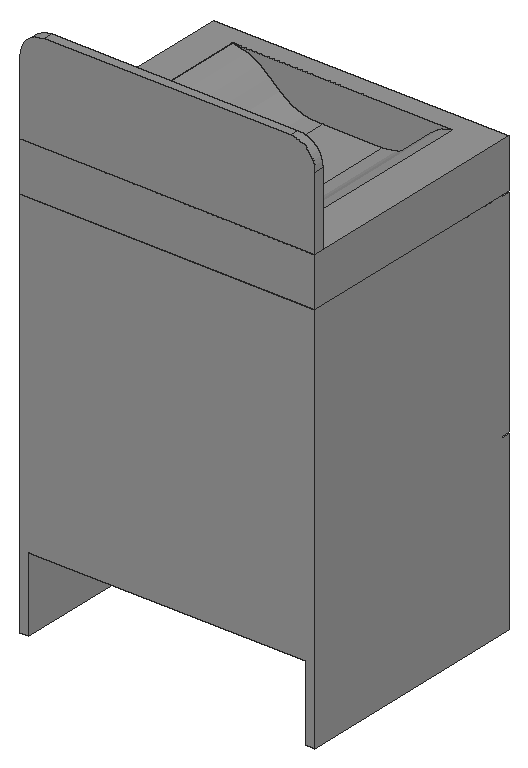
Revit family "Single Sink Vanity 24 in_Wall Hung", category Casework, host Wall, Revit 2025
Family settings
  Host = Wall
  OmniClass Number = 23.40.35.00
  OmniClass Title = Casework
  Always vertical = Yes
  Cut with Voids When Loaded = No
  Shared = No
  Room Calculation Point = No
Parameters (values of type "Single Sink Vanity 794mm_Wall Hung")
  Width = 2' - 0.0389"
  Mirror Height = 0' - 4.06299"
  Length = 3' - 6"
  Height = 3' - 0"
  Depth = 1' - 7.68504"
  Default Elevation = 0' - 0"
  Countertop Thickness = 0' - 4"
  Cabinet Mullions = 0' - 0 3/4"
  Backsplash Height = 0' - 8.00028"
Types (2): name | Height | Countertop Thickness
  Single Sink Vanity 794mm_Wall Hung | 3' - 0" | 0' - 4"
  Single Sink Vanity 24"_Wall Hung | 2' - 9.46457" | 0' - 5.90597"
Reference planes (in)
  plane 1: y = 0
  plane 2 "Center (Left/Right)": x = 0
  plane 3 "Left": x = -2.50394
  plane 4 "Right": x = 39.49606
  plane 5 "Front": y = 22.68504
  plane 6 "Back": y = 3
  plane 7 "Top": z = 36
Forms (in)
  Extrusion 1, solid, material "Solid Surface Countertop"
    sketch origin (4.26772, 0, 2.53543) x (1, 0, 0) y (0, 1, 0)
      loop
        line (-11.51181, 22.68504) -> (-11.51181, 3) -> (12.52709, 3) -> (12.52709, 22.68504) -> (-11.51181, 22.68504)
    from 29.46457 to 33.46457
  Extrusion 2, solid, material "Ash"
    sketch origin (-0.09375, 0, 0) x (1, 0, 0) y (0, 1, 0)
      loop
        line (-7.15034, 3) -> (16.88856, 3) -> (16.88856, 22.68504) -> (-7.15034, 22.68504) -> (-7.15034, 3)
    from 0 to 32
  Extrusion 3, void
    sketch origin (2.51378, 22.68504, 2.53543) x (-1, 0, 0) y (0, 0, -1)
      loop
        line (-11.02119, -33.46457) -> (-11.21668, -34.57326) -> (6.97881, -34.57326) -> (6.97881, -33.42613)
        spline (6.97881, -33.42613) -> (6.2379, -33.31965) -> (5.59373, -33.09991) -> (5.0243, -32.79155) -> (4.50762, -32.41917) -> (4.0217, -32.00739) -> (3.54453, -31.58083) -> (3.05413, -31.1641) -> (2.5285, -30.78183) -> (1.94565, -30.45862) -> (1.28358, -30.21909) -> (0.52029, -30.08787) -> (-0.3662, -30.08957)
        line (-0.3662, -30.08957) -> (-5.17552, -30.08957)
        spline (-5.17552, -30.08957) -> (-5.91389, -30.16014) -> (-6.53886, -30.3314) -> (-7.07076, -30.58463) -> (-7.52988, -30.90112) -> (-7.93656, -31.26214) -> (-8.31111, -31.649) -> (-8.67383, -32.04297) -> (-9.04505, -32.42534) -> (-9.44508, -32.7774) -> (-9.89424, -33.08044) -> (-10.41283, -33.31573) -> (-11.02119, -33.46457)
    from 1.48177 to 15.74504
  Extrusion 4, solid, material "Solid Surface Countertop"
    sketch origin (-7.24409, 3, 36.00028) x (0, 0, 1) y (1, 0, 0)
      loop
        line (0, 24.0389) -> (0, 0) -> (6, 0)
        arc (6, 0) -> (7.41421, 0.58579) -> (8, 2) r 2
        line (8, 2) -> (8, 22.0389)
        arc (8, 22.0389) -> (7.41421, 23.45312) -> (6, 24.0389) r 2
        line (6, 24.0389) -> (0, 24.0389)
    from 0 to 0.75
  Extrusion 5, void
    sketch origin (39.40231, 22.68504, 0) x (1, 0, 0) y (0, 0, 1)
      loop
        line (-23.3575, 31) -> (-34.62696, 31) -> (-45.89641, 31) -> (-45.89641, 15.31553) -> (-34.62696, 15.31553) -> (-23.3575, 15.31553) -> (-23.3575, 31)
      loop
        line (-34.37696, 30) -> (-34.37696, 15.56553) -> (-23.6075, 15.56553) -> (-23.6075, 30) -> (-34.37696, 30)
      loop
        line (-34.87696, 30) -> (-45.64641, 30) -> (-45.64641, 15.56553) -> (-34.87696, 15.56553) -> (-34.87696, 30)
    from 0 to 0.5
  Extrusion 6, void
    sketch origin (39.40231, 22.68504, 0) x (1, 0, 0) y (0, 0, 1)
      loop
        line (-23.3575, 0) -> (-23.3575, 6.09403) -> (-45.89641, 6.09403) -> (-45.89641, 0) -> (-23.3575, 0)
    from 0 to 24
  Extrusion 7, void
    sketch origin (39.40231, 22.68504, 0) x (1, 0, 0) y (0, 0, 1)
      loop
        line (-22.6075, 14.28702) -> (-22.6075, 14.41202) -> (-46.64641, 14.41202) -> (-46.64641, 14.28702) -> (-22.6075, 14.28702)
      loop
        line (-22.6075, 31.875) -> (-22.6075, 32) -> (-46.64641, 32) -> (-46.64641, 31.875) -> (-22.6075, 31.875)
    from 0 to 0.75
  Extrusion 8, void
    sketch origin (39.40231, 22.68504, 0) x (1, 0, 0) y (0, 0, 1)
      loop
        line (-23.3575, 7.1582) -> (-23.3575, 13.41728) -> (-45.89641, 13.41728) -> (-45.89641, 7.1582) -> (-23.3575, 7.1582)
    from 0 to 15.74504
Cuts and joins
  Extrusion 3 cuts Extrusion 1
  Extrusion 5, Extrusion 6, Extrusion 7, Extrusion 8 cuts Extrusion 2
Lines and regions (in)
  reference lines
    curve 1: line (28.75591, 3, 36.00028) -> (28.75591, 3, 80.00028)
    curve 2: line (-7.24409, 3, 36.00028) -> (-7.24409, 3, 79.00028)
    curve 3: line (24.74606, 36.93504, 0) -> (24.74606, -6.31496, 0)
    curve 4: line (16.79481, 3, 36.00028) -> (16.79481, 3, 79.00028)
    curve 5: line (22.79481, 22.68504, 44.00028) -> (-38.20519, 22.68504, 44.00028)
    curve 6: line (21.50591, 22.68504, 32) -> (-11.49409, 22.68504, 32)
Text (in)
  text "Placement Side" at (0, 40.15149, 123.01588), in view "Right"
  text "Placement Side" at (-65.09404, 56.76262, 0), in view "Ref. Level"
  text "Placement Side" at (0, 47.49176, 112.82392), in view "Left"
Dimensions and locks (in)
  locked: host wall to plane 6 "Back"
  "Depth": plane 6 "Back" to plane 5 "Front"
  plane 3 "Left" to plane 2 "Center (Left/Right)" to plane 4 "Right" = 0' - 2.50394", 3' - 3.49606"
  "Length": plane 3 "Left" to plane 4 "Right"
  "Height": plane 7 "Top" to level
  "Height": level to plane 7 "Top"
  Extrusion 3 sketch curve to Extrusion 3 sketch curve = 1' - 6.00004"
  cut or joined group of Extrusion 1, Extrusion 3 to cut or joined group of Extrusion 1, Extrusion 3 = 2' - 0.0389"
  "Backsplash Height": plane 7 "Top" to curve 5
  "Countertop Thickness": curve 6 to plane 7 "Top"
  "Width": curve 2 to curve 4
  locked: cut or joined group of Extrusion 1, Extrusion 3 to Extrusion 3 sketch curve at 0.625
  aligned and locked: plane 7 "Top" to Extrusion 1
  aligned and locked: Extrusion 1 to curve 2
  aligned and locked: Extrusion 4 to Extrusion 1
  aligned and locked: Extrusion 4 to cut or joined group of Extrusion 1, Extrusion 3
  aligned and locked: Extrusion 4 to curve 5
  aligned and locked: Extrusion 4 to curve 2
  aligned and locked: Extrusion 2 to cut or joined group of Extrusion 1, Extrusion 3
  aligned and locked: curve 6 to Extrusion 1
Automatic sketch dimensions
  host wall to curve 3 = 0' - 3.31496"
  plane 4 "Right" to curve 3 = 1' - 2 3/4"
  curve 3 to plane 5 "Front" = 1' - 2 1/4"
  plane 4 "Right" to curve 1 = 0' - 10.74016"
  plane 7 "Top" to curve 4 = 0' - 0.00028"
  plane 3 "Left" to curve 2 = 0' - 4.74016"
  plane 7 "Top" to curve 2 = 0' - 0.00028"
  plane 7 "Top" to curve 1 = 0' - 0.00028"
  curve 2 to curve 2 = 3' - 7"
  curve 4 to curve 2 = 0' - 0"
  curve 4 to curve 1 = 0' - 1"
  Extrusion 1 sketch curve to host wall = 0' - 0"
  plane 5 "Front" to Extrusion 1 sketch curve = 0' - 0"
  plane 3 "Left" to Extrusion 1 sketch curve = 0' - 4.74016"
  plane 2 "Center (Left/Right)" to Extrusion 1 sketch curve = 1' - 4.79481"
  plane 5 "Front" to Extrusion 2 sketch curve = 0' - 0"
  Extrusion 2 sketch curve to host wall = 0' - 0"
  plane 3 "Left" to Extrusion 2 sketch curve = 0' - 4.74016"
  plane 2 "Center (Left/Right)" to Extrusion 2 sketch curve = 1' - 4.79481"
  Extrusion 4 sketch curve to curve 2 = 0' - 0"  (x2)
  curve 2 to Extrusion 4 sketch curve = 2' - 0.0389"
  curve 2 to Extrusion 4 sketch curve = 0' - 6"  (x2)
  Extrusion 4 sketch curve to Extrusion 4 sketch curve = 0' - 2"
  Extrusion 6 sketch curve to Extrusion 2 = 0' - 0"
  Extrusion 2 to Extrusion 6 sketch curve = 0' - 0 3/4"
  Extrusion 6 sketch curve to Extrusion 2 = 0' - 0 3/4"
  Extrusion 6 sketch curve to Extrusion 2 = 0' - 6.09403"
  Extrusion 7 sketch curve to Extrusion 2 = 0' - 0"  (x5)
  Extrusion 7 sketch curve to Extrusion 2 = 0' - 0 1/8"
  Extrusion 7 sketch curve to Extrusion 7 sketch curve = 1' - 5.46298"
  Extrusion 7 sketch curve to Extrusion 7 sketch curve = 0' - 0 1/8"
  Extrusion 3 sketch curve to Extrusion 1 = 0' - 0"
  Extrusion 1 to Extrusion 3 sketch curve = 0' - 1.10869"
  Extrusion 1 to Extrusion 3 sketch curve = 0' - 3.06435"
  Extrusion 3 sketch curve to Extrusion 3 sketch curve = 0' - 0.19549"
  Extrusion 3 sketch curve to Extrusion 3 sketch curve = 0' - 5.84567"
  Extrusion 3 sketch curve to Extrusion 3 sketch curve = 1' - 0.15433"
  Extrusion 3 sketch curve to Extrusion 3 sketch curve = 0' - 4.80932"
  Extrusion 2 to Extrusion 8 sketch curve = 0' - 0 3/4"
  Extrusion 8 sketch curve to Extrusion 2 = 0' - 0 3/4"
  Extrusion 8 sketch curve to Extrusion 2 = 0' - 7.1582"
  Extrusion 8 sketch curve to Extrusion 8 sketch curve = 0' - 6.25908"
  plane 3 "Left" to curve 5 = 2' - 11.70125"
  plane 3 "Left" to curve 6 = 0' - 8.99016"
  plane 4 "Right" to curve 6 = 1' - 5.99016"
  curve 6 to curve 5 = 0' - 1.2889"
  Extrusion 2 to Extrusion 5 sketch curve = 0' - 0 3/4"
  Extrusion 5 sketch curve to Extrusion 5 sketch curve = 0' - 0 1/4"  (x6)
  Extrusion 5 sketch curve to Extrusion 5 sketch curve = 0' - 10.76945"
  Extrusion 5 sketch curve to Extrusion 5 sketch curve = 0' - 0 1/2"
  Extrusion 5 sketch curve to Extrusion 2 = 0' - 1"  (x2)
  Extrusion 5 sketch curve to Extrusion 2 = 1' - 3.31553"
  Extrusion 5 sketch curve to Extrusion 2 = 0' - 2"  (x2)
